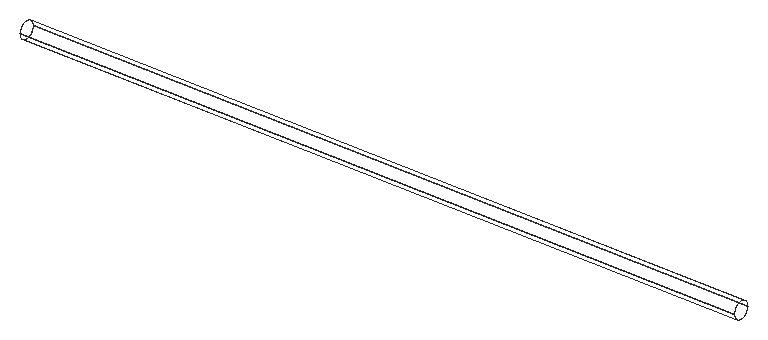
Revit family "Luminária Linear - Sanca", category Lighting Fixtures, Revit 2016
Family settings
  Part Type = Normal
  Round Connector Dimension = Use Diameter
  OmniClass Number = 23.80.70.11.11
  OmniClass Title = General Luminaries, Non Directional
  Work Plane-Based = No
  Always vertical = Yes
  Cut with Voids When Loaded = No
  Light Source = Yes
  Shared = No
  Room Calculation Point = No
Parameters (values of type "Lampada para sanca")
  Wattage Comments = "100"
  Wattage = 8 W
  built-in parameter 1150110 = 1 (stored number, unit not read)
  built-in parameter 1114217 = 1 (stored number, unit not read)
  built-in parameter 1150109 = 1 (stored number, unit not read)
  built-in parameter 1150134 = (empty or 0)
  built-in parameter 1150113 = 1 (stored number, unit not read)
  Lâmpada = Emissão de luz
  built-in parameter 1150115 = 1 (stored number, unit not read)
  built-in parameter 1150105 = 5.093 (stored number, unit not read)
  Light Source Symbol Size = 30 cm
  built-in parameter 1150137 = 1
  built-in parameter 1150139 = (empty or 0)
  built-in parameter 1150112 = 1 (stored number, unit not read)
  built-in parameter 1150114 = 1 (stored number, unit not read)
  built-in parameter 1150132 = (empty or 0)
  built-in parameter 1150102 = (empty or 0)
  built-in parameter 1150138 = (empty or 0)
  built-in parameter 1150107 = 4200 (stored number, unit not read)
  built-in parameter 1150106 = 0.05093 (stored number, unit not read)
  Emit from Line Length = 100 cm
  built-in parameter 1150104 = 0.74322 (stored number, unit not read)
  Dimming Lamp Color Temperature Shift = <None>
  Default Height = 120 cm
  Lumens = 64 lm
  Color Filter = 16777215
  Ballast Voltage = 120 V
  Ballast Number of Poles = 1
  built-in parameter 1114218 = 1 (stored number, unit not read)
  built-in parameter 1150133 = 10 (stored number, unit not read)
  Apparent Load = 100 VA
Reference planes (cm)
  plane 1 "Light Source Axis": y = 0
  plane 2: z = 0
  plane 3 "Light Source Axis": x = 0
  plane 4 "Light Source Elevation": z = 120
  plane 5: z = 121.27
Forms (cm)
  Extrusion 1, solid, material "Emissão de luz" <- "Lâmpada"
    sketch origin (0, 0, 0) x (0, 1, 0) y (0, 0, 1)
      loop
        circle (0, 120) r 1.5
    from -65 to 65
Lines and regions (cm)
  model lines
    curve 1: arc (-50, 0, 135) -> (-65, 0, 120) -> (-50, 0, 105) r 15
    curve 2: arc (50, 0, 135) -> (65, 0, 120) -> (50, 0, 105) r 15
    curve 3: line (-50, 0, 135) -> (50, 0, 135)
    curve 4: line (50, 0, 105) -> (-50, 0, 105)
    curve 5: circle (0, 0, 120) r 15.0068 normal (1, 0, 0)
    curve 6: line (50, 15, 120) -> (-50, 15, 120)
    curve 7: arc (-50, 15, 120) -> (-60.6066, 10.6066, 120) -> (-65, 0, 120) r 15
    curve 8: arc (-65, 0, 120) -> (-60.6066, -10.6066, 120) -> (-50, -15, 120) r 15
    curve 9: line (-50, -15, 120) -> (50, -15, 120)
    curve 10: arc (50, -15, 120) -> (60.6066, -10.6066, 120) -> (65, 0, 120) r 15
    curve 11: arc (65, 0, 120) -> (60.6066, 10.6066, 120) -> (50, 15, 120) r 15
Dimensions and locks (cm)
  "Default Height": plane 2 to plane 4 "Light Source Elevation"
  plane 5 to plane 4 "Light Source Elevation" = 1.27 cm
  aligned and locked: plane 3 "Light Source Axis" to imposter light
  aligned and locked: plane 1 "Light Source Axis" to imposter light
  aligned and locked: plane 4 "Light Source Elevation" to imposter light
  aligned and locked: Extrusion 1 to curve 8
  aligned and locked: Extrusion 1 to curve 11
Automatic sketch dimensions
  curve 1 to plane 4 "Light Source Elevation" = 0 cm
  plane 5 to curve 3 = 13.73 cm
  curve 3 to plane 3 "Light Source Axis" = 50 cm
  plane 3 "Light Source Axis" to curve 2 = 50 cm
  curve 5 to plane 1 "Light Source Axis" = 0 cm
  plane 4 "Light Source Elevation" to curve 5 = 0 cm
  curve 6 to plane 1 "Light Source Axis" = 15 cm
  curve 7 to plane 3 "Light Source Axis" = 50 cm
  plane 3 "Light Source Axis" to curve 6 = 50 cm
  curve 7 to curve 8 = 0 cm
  curve 9 to curve 6 = 0 cm
  plane 1 "Light Source Axis" to curve 10 = 0 cm
  Extrusion 1 sketch curve to plane 1 "Light Source Axis" = 0 cm
  plane 4 "Light Source Elevation" to Extrusion 1 sketch curve = 0 cm
  radius of curve 5 = 15.0068 cm
  radius of Extrusion 1 sketch curve = 1.5 cm
